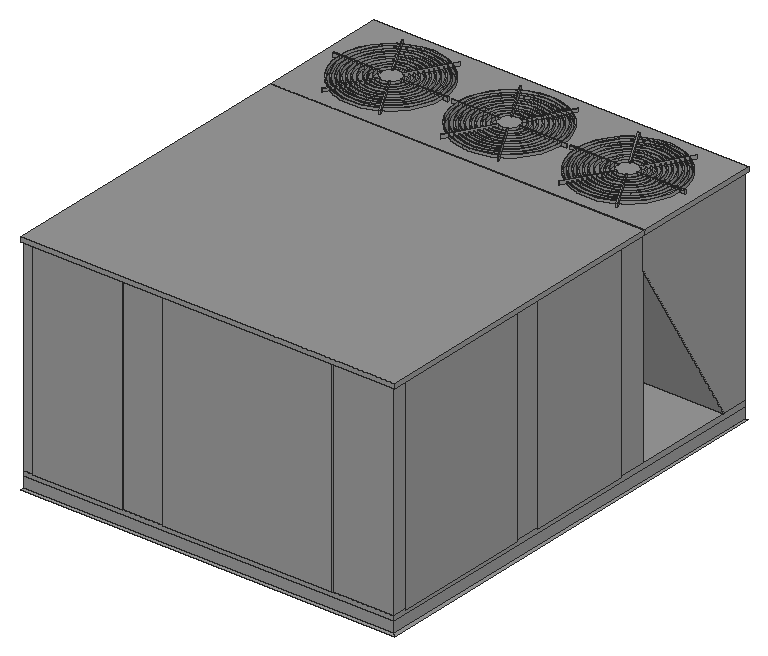
Revit family "RTU-3", category Mechanical Equipment, host Face, Revit 2025
Family settings
  Host = Face
  Round Connector Dimension = Use Diameter
  Classification = None
  Part Type = Normal
  Cut with Voids When Loaded = No
  Maintain Annotation Orientation = Yes
  Shared = No
  Room Calculation Point = No
Parameters (values of type "LCH 156 H4B L 1Y")
  URL = "https://tech.lennoxintl.com/C03e7o14l/VIu12Ch2uV/ehb_lch_cbox_2109.pdf"
  Model = "LCH 156 H4B L 1Y"
  Material = Aluminum 1100-O
  Manufacturer = "LENNOX"
  Grill Material = Steel, Paint Finish, Dark Gray
  Default Elevation = 48"
Reference planes (in)
  plane 1 "Center (Front/Back)": y = 0
  plane 2: z = 0
  plane 3 "Center (Left/Right)": x = 0
  plane 4: z = 53.5625
  plane 5: x = 44.5625
  plane 6: x = -44.5625
  plane 7: y = -52.75
  plane 8: y = 22.0625
  plane 9: z = 45.75
  plane 10: z = 54.625
  plane 11: y = 52.75
  plane 12: y = 46.375
  plane 13: x = -28.53125
  plane 14: y = 37.65625
  plane 15: x = 28.53125
  plane 16: x = 0
  plane 17: x = -12.5
  plane 18: x = 12.5
  plane 19: x = -30.90625
  plane 20: x = -31.90625
  plane 21: x = -32.90625
  plane 22: x = -33.90625
  plane 23: x = -34.90625
  plane 24: x = -35.90625
  plane 25: x = -36.90625
  plane 26: x = -37.90625
  plane 27: x = -38.90625
  plane 28: x = -39.90625
  plane 29: x = -40.90625
  plane 30: x = -42.34375
  plane 31: x = -41.03125
  plane 32: z = 55.25
  plane 33: x = -14.71875
  plane 34: x = -16.03125
  plane 35: through (-28.53125, 37.65625, 55) normal (-0.7071, -0.7071, 0)
  plane 36: through (-28.53125, 37.65625, 55) normal (-0.7071, 0.7071, 0)
  plane 37: through (-28.53125, 37.65625, 55) normal (0.7071, -0.7071, 0)
  plane 38: through (-28.53125, 37.65625, 55) normal (0.7071, 0.7071, 0)
  plane 39: x = -30.90625
  plane 40: x = -31.90625
  plane 41: x = -32.90625
  plane 42: x = -33.90625
  plane 43: x = -34.90625
  plane 44: x = -35.90625
  plane 45: x = -36.90625
  plane 46: x = -37.90625
  plane 47: x = -38.90625
  plane 48: x = -39.90625
  plane 49: x = -40.90625
  plane 50: x = -42.34375
  plane 51: x = -41.03125
  plane 52: x = -14.71875
  plane 53: x = -16.03125
  plane 54: x = -2.375
  plane 55: x = -3.375
  plane 56: x = -4.375
  plane 57: x = -5.375
  plane 58: x = -6.375
  plane 59: x = -7.375
  plane 60: x = -8.375
  plane 61: x = -9.375
  plane 62: x = -10.375
  plane 63: x = -11.375
  plane 64: x = -12.375
  plane 65: x = -13.8125
  plane 66: x = -12.5
  plane 67: x = 13.8125
  plane 68: x = 12.5
  plane 69: x = 26.15625
  plane 70: x = 25.15625
  plane 71: x = 24.15625
  plane 72: x = 23.15625
  plane 73: x = 22.15625
  plane 74: x = 21.15625
  plane 75: x = 20.15625
  plane 76: x = 19.15625
  plane 77: x = 18.15625
  plane 78: x = 17.15625
  plane 79: x = 16.15625
  plane 80: x = 14.71875
  plane 81: x = 16.03125
  plane 82: x = 42.34375
  plane 83: x = 41.03125
  plane 84: through (-34.15405, 50.35923, 110.75) normal (0.5, -0.866, 0)
  plane 85: through (-34.78125, 48.48157, 110.75) normal (-0.5, 0.866, 0)
  plane 86: through (-22.90845, 50.35923, 110.75) normal (0.5, 0.866, 0)
  plane 87: through (-22.28125, 48.48157, 110.75) normal (-0.5, -0.866, 0)
  plane 88: through (-34.15405, 24.95327, 110.75) normal (-0.5, -0.866, 0)
  plane 89: through (-34.78125, 26.83093, 110.75) normal (0.5, 0.866, 0)
  plane 90: through (-22.90845, 24.95327, 110.75) normal (-0.5, 0.866, 0)
  plane 91: through (-22.28125, 26.83093, 110.75) normal (0.5, -0.866, 0)
  plane 92: through (-34.15405, 50.35923, 110.75) normal (0.5, -0.866, 0)
  plane 93: through (-34.78125, 48.48157, 110.75) normal (-0.5, 0.866, 0)
  plane 94: through (-22.90845, 50.35923, 110.75) normal (0.5, 0.866, 0)
  plane 95: through (-22.28125, 48.48157, 110.75) normal (-0.5, -0.866, 0)
  plane 96: through (-34.15405, 24.95327, 110.75) normal (-0.5, -0.866, 0)
  plane 97: through (-34.78125, 26.83093, 110.75) normal (0.5, 0.866, 0)
  plane 98: through (-22.90845, 24.95327, 110.75) normal (-0.5, 0.866, 0)
  plane 99: through (-22.28125, 26.83093, 110.75) normal (0.5, -0.866, 0)
  plane 100: through (-5.6228, 50.35923, 110.75) normal (0.5, -0.866, 0)
  plane 101: through (-6.25, 48.48157, 110.75) normal (-0.5, 0.866, 0)
  plane 102: through (5.6228, 50.35923, 110.75) normal (0.5, 0.866, 0)
  plane 103: through (6.25, 48.48157, 110.75) normal (-0.5, -0.866, 0)
  plane 104: through (-5.6228, 24.95327, 110.75) normal (-0.5, -0.866, 0)
  plane 105: through (-6.25, 26.83093, 110.75) normal (0.5, 0.866, 0)
  plane 106: through (5.6228, 24.95327, 110.75) normal (-0.5, 0.866, 0)
  plane 107: through (6.25, 26.83093, 110.75) normal (0.5, -0.866, 0)
  plane 108: through (22.90845, 50.35923, 110.75) normal (0.5, -0.866, 0)
  plane 109: through (22.28125, 48.48157, 110.75) normal (-0.5, 0.866, 0)
  plane 110: through (34.15405, 50.35923, 110.75) normal (0.5, 0.866, 0)
  plane 111: through (34.78125, 48.48157, 110.75) normal (-0.5, -0.866, 0)
  plane 112: through (22.90845, 24.95327, 110.75) normal (-0.5, -0.866, 0)
  plane 113: through (22.28125, 26.83093, 110.75) normal (0.5, 0.866, 0)
  plane 114: through (34.15405, 24.95327, 110.75) normal (-0.5, 0.866, 0)
  plane 115: through (34.78125, 26.83093, 110.75) normal (0.5, -0.866, 0)
  plane 116: x = 44.5625
  plane 117: x = -8.4375
Forms (in)
  Extrusion 1, solid, material "Aluminum 1100-O" <- "Material"
    sketch origin (0, 0, 0) x (1, 0, 0) y (0, 1, 0)
      loop
        line (-44.5625, 22.0625) -> (-44.5625, -52.75) -> (44.5625, -52.75) -> (44.5625, 22.0625) -> (-44.5625, 22.0625)
    from 4.125 to 53.5625
  Extrusion 2, solid, material "Aluminum 1100-O" <- "Material"
    sketch origin (0, 0, -50.125) x (1, 0, 0) y (0, 1, 0)
      loop
        line (-44.5625, 52.75) -> (-44.5625, -52.75) -> (44.5625, -52.75) -> (44.5625, 52.75) -> (-44.5625, 52.75)
    from 53.0625 to 54.25
  Extrusion 3, solid, material "Aluminum 1100-O" <- "Material"
    sketch origin (0, 0, -51.3125) x (1, 0, 0) y (0, 1, 0)
      loop
        line (-44.5625, 52.75) -> (-44.5625, -52.75) -> (44.5625, -52.75) -> (44.5625, 52.75) -> (-44.5625, 52.75)
    from 51.6875 to 54.25
  Blend 4, solid, material "Aluminum 1100-O" <- "Material"
    base sketch origin (0, 0, 0) x (1, 0, 0) y (0, 1, 0)
      loop
        line (-45.0625, 53.25) -> (-45.0625, -53.25) -> (45.0625, -53.25) -> (45.0625, 53.25) -> (-45.0625, 53.25)
    top sketch origin (0, 0, 0) x (1, 0, 0) y (0, 1, 0)
      loop
        line (-44.5625, 52.75) -> (-44.5625, -52.75) -> (44.5625, -52.75) -> (44.5625, 52.75) -> (-44.5625, 52.75)
    from 0 to 0.375
  Extrusion 5, solid, material "Aluminum 1100-O" <- "Material"
    sketch origin (0, 0, 0) x (0, 1, 0) y (0, 0, 1)
      loop
        line (22.0625, 45.75) -> (46.375, 4.125) -> (52.75, 4.125) -> (52.75, 53.5625) -> (22.0625, 53.5625) -> (22.0625, 45.75)
    from -44.5625 to 44.5625
  Extrusion 6, solid, material "Aluminum 1100-O" <- "Material"
    sketch origin (0, 0, 0) x (1, 0, 0) y (0, 1, 0)
      loop
        line (-45.0625, 22.0625) -> (-45.0625, -53.25) -> (45.0625, -53.25) -> (45.0625, 22.0625) -> (-45.0625, 22.0625)
    from 53.5625 to 54.625
  Extrusion 7, solid, material "Aluminum 1100-O" <- "Material"
    sketch origin (0, 75.3125, 0) x (1, 0, 0) y (0, 1, 0)
      loop
        line (-45.0625, -22.0625) -> (-45.0625, -53.25) -> (45.0625, -53.25) -> (45.0625, -22.0625) -> (-45.0625, -22.0625)
    from 53.5625 to 54.625
  Extrusion 8, void
    sketch origin (-8.58719, -1.71744, 0) x (1, 0, 0) y (0, 1, 0)
      loop
        circle (8.58719, 39.37369) r 12.5
      loop
        circle (-19.94406, 39.37369) r 12.5
      loop
        circle (37.11844, 39.37369) r 12.5
    from 45.45857 to 54.625
  Extrusion 9, solid, material "Steel, Paint Finish, Dark Gray" <- "Grill Material"
    sketch origin (0, 0, 54.625) x (1, 0, 0) y (0, 1, 0)
      loop
        circle (-28.53125, 37.65625) r 2.375
      loop
        circle (-28.53125, 37.65625) r 3.375
      loop
        circle (-28.53125, 37.65625) r 3.5
      loop
        circle (-28.53125, 37.65625) r 4.375
      loop
        circle (-28.53125, 37.65625) r 5.25
      loop
        circle (-28.53125, 37.65625) r 4.5
      loop
        circle (-28.53125, 37.65625) r 5.375
      loop
        circle (-28.53125, 37.65625) r 6.375
      loop
        circle (-28.53125, 37.65625) r 7.375
      loop
        circle (-28.53125, 37.65625) r 9.375
      loop
        circle (-28.53125, 37.65625) r 10.375
      loop
        circle (-28.53125, 37.65625) r 11.375
      loop
        circle (-28.53125, 37.65625) r 12.375
      loop
        circle (-28.53125, 37.65625) r 12.5
      loop
        circle (-28.53125, 37.65625) r 7.5
      loop
        circle (-28.53125, 37.65625) r 9.5
      loop
        circle (-28.53125, 37.65625) r 10.5
      loop
        circle (-28.53125, 37.65625) r 11.5
      loop
        circle (-28.53125, 37.65625) r 8.375
      loop
        circle (-28.53125, 37.65625) r 8.5
      loop
        circle (-28.53125, 37.65625) r 6.5
    from 0 to 0.625
  Extrusion 10, solid, material "Steel, Paint Finish, Dark Gray" <- "Grill Material"
    sketch origin (0, 0, 55.75) x (1, 0, 0) y (0, 1, 0)
      loop
        line (-42.34375, 37.78125) -> (-42.34375, 37.53125) -> (-30.90296, 37.53125)
        arc (-30.90296, 37.53125) -> (-30.90543, 37.59373) -> (-30.90625, 37.65625) r 2.375
        arc (-30.90625, 37.65625) -> (-30.90543, 37.71877) -> (-30.90296, 37.78125) r 2.375
        line (-30.90296, 37.78125) -> (-42.34375, 37.78125)
    from -1.125 to -0.3427
  Extrusion 11, solid, material "Steel, Paint Finish, Dark Gray" <- "Grill Material"
    sketch origin (-57.0625, 0, 55.75) x (-1, 0, 0) y (0, -1, 0)
      loop
        line (-42.34375, -37.78125) -> (-30.90296, -37.78125)
        arc (-30.90296, -37.78125) -> (-30.90543, -37.71877) -> (-30.90625, -37.65625) r 2.375
        arc (-30.90625, -37.65625) -> (-30.90543, -37.59373) -> (-30.90296, -37.53125) r 2.375
        line (-30.90296, -37.53125) -> (-42.34375, -37.53125) -> (-42.34375, -37.78125)
    from -1.125 to -0.3427
  Extrusion 12, solid, material "Steel, Paint Finish, Dark Gray" <- "Grill Material", not visible
    sketch origin (0, 0, 54.625) x (1, 0, 0) y (0, 1, 0)
      loop
        circle (-28.53125, 37.65625) r 2.375
      loop
        circle (-28.53125, 37.65625) r 3.375
      loop
        circle (-28.53125, 37.65625) r 3.5
      loop
        circle (-28.53125, 37.65625) r 4.375
      loop
        circle (-28.53125, 37.65625) r 5.25
      loop
        circle (-28.53125, 37.65625) r 4.5
      loop
        circle (-28.53125, 37.65625) r 5.375
      loop
        circle (-28.53125, 37.65625) r 6.375
      loop
        circle (-28.53125, 37.65625) r 7.375
      loop
        circle (-28.53125, 37.65625) r 9.375
      loop
        circle (-28.53125, 37.65625) r 10.375
      loop
        circle (-28.53125, 37.65625) r 11.375
      loop
        circle (-28.53125, 37.65625) r 12.375
      loop
        circle (-28.53125, 37.65625) r 12.5
      loop
        circle (-28.53125, 37.65625) r 7.5
      loop
        circle (-28.53125, 37.65625) r 9.5
      loop
        circle (-28.53125, 37.65625) r 10.5
      loop
        circle (-28.53125, 37.65625) r 11.5
      loop
        circle (-28.53125, 37.65625) r 8.375
      loop
        circle (-28.53125, 37.65625) r 8.5
      loop
        circle (-28.53125, 37.65625) r 6.5
    from 0 to 0.625
  Extrusion 13, solid, material "Steel, Paint Finish, Dark Gray" <- "Grill Material", not visible
    sketch origin (0, 0, 55.75) x (1, 0, 0) y (0, 1, 0)
      loop
        line (-42.34375, 37.78125) -> (-42.34375, 37.53125) -> (-30.90296, 37.53125)
        arc (-30.90296, 37.53125) -> (-30.90543, 37.59373) -> (-30.90625, 37.65625) r 2.375
        arc (-30.90625, 37.65625) -> (-30.90543, 37.71877) -> (-30.90296, 37.78125) r 2.375
        line (-30.90296, 37.78125) -> (-42.34375, 37.78125)
    from -1.125 to -0.3427
  Extrusion 14, solid, material "Steel, Paint Finish, Dark Gray" <- "Grill Material", not visible
    sketch origin (-57.0625, 0, 55.75) x (-1, 0, 0) y (0, -1, 0)
      loop
        line (-42.34375, -37.78125) -> (-30.90296, -37.78125)
        arc (-30.90296, -37.78125) -> (-30.90543, -37.71877) -> (-30.90625, -37.65625) r 2.375
        arc (-30.90625, -37.65625) -> (-30.90543, -37.59373) -> (-30.90296, -37.53125) r 2.375
        line (-30.90296, -37.53125) -> (-42.34375, -37.53125) -> (-42.34375, -37.78125)
    from -1.125 to -0.3427
  Extrusion 15, solid, material "Steel, Paint Finish, Dark Gray" <- "Grill Material"
    sketch origin (28.53125, 0, 54.625) x (1, 0, 0) y (0, 1, 0)
      loop
        circle (-28.53125, 37.65625) r 2.375
      loop
        circle (-28.53125, 37.65625) r 3.375
      loop
        circle (-28.53125, 37.65625) r 3.5
      loop
        circle (-28.53125, 37.65625) r 4.375
      loop
        circle (-28.53125, 37.65625) r 5.25
      loop
        circle (-28.53125, 37.65625) r 4.5
      loop
        circle (-28.53125, 37.65625) r 5.375
      loop
        circle (-28.53125, 37.65625) r 6.375
      loop
        circle (-28.53125, 37.65625) r 7.375
      loop
        circle (-28.53125, 37.65625) r 9.375
      loop
        circle (-28.53125, 37.65625) r 10.375
      loop
        circle (-28.53125, 37.65625) r 11.375
      loop
        circle (-28.53125, 37.65625) r 12.375
      loop
        circle (-28.53125, 37.65625) r 12.5
      loop
        circle (-28.53125, 37.65625) r 7.5
      loop
        circle (-28.53125, 37.65625) r 9.5
      loop
        circle (-28.53125, 37.65625) r 10.5
      loop
        circle (-28.53125, 37.65625) r 11.5
      loop
        circle (-28.53125, 37.65625) r 8.375
      loop
        circle (-28.53125, 37.65625) r 8.5
      loop
        circle (-28.53125, 37.65625) r 6.5
    from 0 to 0.625
  Extrusion 16, solid, material "Steel, Paint Finish, Dark Gray" <- "Grill Material"
    sketch origin (28.53125, 0, 55.75) x (1, 0, 0) y (0, 1, 0)
      loop
        line (-42.34375, 37.78125) -> (-42.34375, 37.53125) -> (-30.90296, 37.53125)
        arc (-30.90296, 37.53125) -> (-30.90543, 37.59373) -> (-30.90625, 37.65625) r 2.375
        arc (-30.90625, 37.65625) -> (-30.90543, 37.71877) -> (-30.90296, 37.78125) r 2.375
        line (-30.90296, 37.78125) -> (-42.34375, 37.78125)
    from -1.125 to -0.3427
  Extrusion 17, solid, material "Steel, Paint Finish, Dark Gray" <- "Grill Material"
    sketch origin (-28.53125, 0, 55.75) x (-1, 0, 0) y (0, -1, 0)
      loop
        line (-42.34375, -37.78125) -> (-30.90296, -37.78125)
        arc (-30.90296, -37.78125) -> (-30.90543, -37.71877) -> (-30.90625, -37.65625) r 2.375
        arc (-30.90625, -37.65625) -> (-30.90543, -37.59373) -> (-30.90296, -37.53125) r 2.375
        line (-30.90296, -37.53125) -> (-42.34375, -37.53125) -> (-42.34375, -37.78125)
    from -1.125 to -0.3427
  Extrusion 18, solid, material "Steel, Paint Finish, Dark Gray" <- "Grill Material"
    sketch origin (57.0625, 0, 54.625) x (1, 0, 0) y (0, 1, 0)
      loop
        circle (-28.53125, 37.65625) r 2.375
      loop
        circle (-28.53125, 37.65625) r 3.375
      loop
        circle (-28.53125, 37.65625) r 3.5
      loop
        circle (-28.53125, 37.65625) r 4.375
      loop
        circle (-28.53125, 37.65625) r 5.25
      loop
        circle (-28.53125, 37.65625) r 4.5
      loop
        circle (-28.53125, 37.65625) r 5.375
      loop
        circle (-28.53125, 37.65625) r 6.375
      loop
        circle (-28.53125, 37.65625) r 7.375
      loop
        circle (-28.53125, 37.65625) r 9.375
      loop
        circle (-28.53125, 37.65625) r 10.375
      loop
        circle (-28.53125, 37.65625) r 11.375
      loop
        circle (-28.53125, 37.65625) r 12.375
      loop
        circle (-28.53125, 37.65625) r 12.5
      loop
        circle (-28.53125, 37.65625) r 7.5
      loop
        circle (-28.53125, 37.65625) r 9.5
      loop
        circle (-28.53125, 37.65625) r 10.5
      loop
        circle (-28.53125, 37.65625) r 11.5
      loop
        circle (-28.53125, 37.65625) r 8.375
      loop
        circle (-28.53125, 37.65625) r 8.5
      loop
        circle (-28.53125, 37.65625) r 6.5
    from 0 to 0.625
  Extrusion 19, solid, material "Steel, Paint Finish, Dark Gray" <- "Grill Material"
    sketch origin (57.0625, 0, 55.75) x (1, 0, 0) y (0, 1, 0)
      loop
        line (-42.34375, 37.78125) -> (-42.34375, 37.53125) -> (-30.90296, 37.53125)
        arc (-30.90296, 37.53125) -> (-30.90543, 37.59373) -> (-30.90625, 37.65625) r 2.375
        arc (-30.90625, 37.65625) -> (-30.90543, 37.71877) -> (-30.90296, 37.78125) r 2.375
        line (-30.90296, 37.78125) -> (-42.34375, 37.78125)
    from -1.125 to -0.3427
  Extrusion 20, solid, material "Steel, Paint Finish, Dark Gray" <- "Grill Material"
    sketch origin (0, 0, 55.75) x (-1, 0, 0) y (0, -1, 0)
      loop
        line (-42.34375, -37.78125) -> (-30.90296, -37.78125)
        arc (-30.90296, -37.78125) -> (-30.90543, -37.71877) -> (-30.90625, -37.65625) r 2.375
        arc (-30.90625, -37.65625) -> (-30.90543, -37.59373) -> (-30.90296, -37.53125) r 2.375
        line (-30.90296, -37.53125) -> (-42.34375, -37.53125) -> (-42.34375, -37.78125)
    from -1.125 to -0.3427
  Extrusion 21, void
    sketch origin (0, 0, 0) x (1, 0, 0) y (0, 1, 0)
      loop
        line (-41.4375, 20.5) -> (-41.4375, -39.5) -> (-26.4375, -39.5) -> (-26.4375, 20.5) -> (-41.4375, 20.5)
      loop
        line (-8.4375, 20.5) -> (-8.4375, -39.5) -> (11.5625, -39.5) -> (11.5625, 20.5) -> (-8.4375, 20.5)
      loop
        line (33.0625, -44.25) -> (33.0625, -49.25) -> (41.0625, -49.25) -> (41.0625, -44.25) -> (33.0625, -44.25)
    from 0 to 12
  Extrusion 22, solid, material "Steel, Paint Finish, Dark Gray" <- "Grill Material"
    sketch origin (-46.87689, -5.88066, 55.75) x (0.5, -0.866025, 0) y (0.866025, 0.5, 0)
      loop
        line (-42.34375, 37.78125) -> (-42.34375, 37.53125) -> (-30.90296, 37.53125)
        arc (-30.90296, 37.53125) -> (-30.90543, 37.59373) -> (-30.90625, 37.65625) r 2.375
        arc (-30.90625, 37.65625) -> (-30.90543, 37.71877) -> (-30.90296, 37.78125) r 2.375
        line (-30.90296, 37.78125) -> (-42.34375, 37.78125)
    from -1.125 to -0.3427
  Extrusion 23, solid, material "Steel, Paint Finish, Dark Gray" <- "Grill Material"
    sketch origin (-10.18561, -5.88066, 55.75) x (-0.5, -0.866025, 0) y (0.866025, -0.5, 0)
      loop
        line (-42.34375, -37.78125) -> (-30.90296, -37.78125)
        arc (-30.90296, -37.78125) -> (-30.90543, -37.71877) -> (-30.90625, -37.65625) r 2.375
        arc (-30.90625, -37.65625) -> (-30.90543, -37.59373) -> (-30.90296, -37.53125) r 2.375
        line (-30.90296, -37.53125) -> (-42.34375, -37.53125) -> (-42.34375, -37.78125)
    from -1.125 to -0.3427
  Extrusion 24, solid, material "Steel, Paint Finish, Dark Gray" <- "Grill Material"
    sketch origin (-46.87689, 81.19316, 55.75) x (0.5, 0.866025, 0) y (-0.866025, 0.5, 0)
      loop
        line (-42.34375, -37.78125) -> (-30.90296, -37.78125)
        arc (-30.90296, -37.78125) -> (-30.90543, -37.71877) -> (-30.90625, -37.65625) r 2.375
        arc (-30.90625, -37.65625) -> (-30.90543, -37.59373) -> (-30.90296, -37.53125) r 2.375
        line (-30.90296, -37.53125) -> (-42.34375, -37.53125) -> (-42.34375, -37.78125)
    from -1.125 to -0.3427
  Extrusion 25, solid, material "Steel, Paint Finish, Dark Gray" <- "Grill Material"
    sketch origin (-10.18561, 81.19316, 55.75) x (-0.5, 0.866025, 0) y (-0.866025, -0.5, 0)
      loop
        line (-42.34375, 37.78125) -> (-42.34375, 37.53125) -> (-30.90296, 37.53125)
        arc (-30.90296, 37.53125) -> (-30.90543, 37.59373) -> (-30.90625, 37.65625) r 2.375
        arc (-30.90625, 37.65625) -> (-30.90543, 37.71877) -> (-30.90296, 37.78125) r 2.375
        line (-30.90296, 37.78125) -> (-42.34375, 37.78125)
    from -1.125 to -0.3427
  Extrusion 26, solid, material "Steel, Paint Finish, Dark Gray" <- "Grill Material", not visible
    sketch origin (-46.87689, -5.88066, 55.75) x (0.5, -0.866025, 0) y (0.866025, 0.5, 0)
      loop
        line (-42.34375, 37.78125) -> (-42.34375, 37.53125) -> (-30.90296, 37.53125)
        arc (-30.90296, 37.53125) -> (-30.90543, 37.59373) -> (-30.90625, 37.65625) r 2.375
        arc (-30.90625, 37.65625) -> (-30.90543, 37.71877) -> (-30.90296, 37.78125) r 2.375
        line (-30.90296, 37.78125) -> (-42.34375, 37.78125)
    from -1.125 to -0.3427
  Extrusion 27, solid, material "Steel, Paint Finish, Dark Gray" <- "Grill Material", not visible
    sketch origin (-10.18561, -5.88066, 55.75) x (-0.5, -0.866025, 0) y (0.866025, -0.5, 0)
      loop
        line (-42.34375, -37.78125) -> (-30.90296, -37.78125)
        arc (-30.90296, -37.78125) -> (-30.90543, -37.71877) -> (-30.90625, -37.65625) r 2.375
        arc (-30.90625, -37.65625) -> (-30.90543, -37.59373) -> (-30.90296, -37.53125) r 2.375
        line (-30.90296, -37.53125) -> (-42.34375, -37.53125) -> (-42.34375, -37.78125)
    from -1.125 to -0.3427
  Extrusion 28, solid, material "Steel, Paint Finish, Dark Gray" <- "Grill Material", not visible
    sketch origin (-46.87689, 81.19316, 55.75) x (0.5, 0.866025, 0) y (-0.866025, 0.5, 0)
      loop
        line (-42.34375, -37.78125) -> (-30.90296, -37.78125)
        arc (-30.90296, -37.78125) -> (-30.90543, -37.71877) -> (-30.90625, -37.65625) r 2.375
        arc (-30.90625, -37.65625) -> (-30.90543, -37.59373) -> (-30.90296, -37.53125) r 2.375
        line (-30.90296, -37.53125) -> (-42.34375, -37.53125) -> (-42.34375, -37.78125)
    from -1.125 to -0.3427
  Extrusion 29, solid, material "Steel, Paint Finish, Dark Gray" <- "Grill Material", not visible
    sketch origin (-10.18561, 81.19316, 55.75) x (-0.5, 0.866025, 0) y (-0.866025, -0.5, 0)
      loop
        line (-42.34375, 37.78125) -> (-42.34375, 37.53125) -> (-30.90296, 37.53125)
        arc (-30.90296, 37.53125) -> (-30.90543, 37.59373) -> (-30.90625, 37.65625) r 2.375
        arc (-30.90625, 37.65625) -> (-30.90543, 37.71877) -> (-30.90296, 37.78125) r 2.375
        line (-30.90296, 37.78125) -> (-42.34375, 37.78125)
    from -1.125 to -0.3427
  Extrusion 30, solid, material "Steel, Paint Finish, Dark Gray" <- "Grill Material"
    sketch origin (-18.34564, -5.88066, 55.75) x (0.5, -0.866025, 0) y (0.866025, 0.5, 0)
      loop
        line (-42.34375, 37.78125) -> (-42.34375, 37.53125) -> (-30.90296, 37.53125)
        arc (-30.90296, 37.53125) -> (-30.90543, 37.59373) -> (-30.90625, 37.65625) r 2.375
        arc (-30.90625, 37.65625) -> (-30.90543, 37.71877) -> (-30.90296, 37.78125) r 2.375
        line (-30.90296, 37.78125) -> (-42.34375, 37.78125)
    from -1.125 to -0.3427
  Extrusion 31, solid, material "Steel, Paint Finish, Dark Gray" <- "Grill Material"
    sketch origin (18.34564, -5.88066, 55.75) x (-0.5, -0.866025, 0) y (0.866025, -0.5, 0)
      loop
        line (-42.34375, -37.78125) -> (-30.90296, -37.78125)
        arc (-30.90296, -37.78125) -> (-30.90543, -37.71877) -> (-30.90625, -37.65625) r 2.375
        arc (-30.90625, -37.65625) -> (-30.90543, -37.59373) -> (-30.90296, -37.53125) r 2.375
        line (-30.90296, -37.53125) -> (-42.34375, -37.53125) -> (-42.34375, -37.78125)
    from -1.125 to -0.3427
  Extrusion 32, solid, material "Steel, Paint Finish, Dark Gray" <- "Grill Material"
    sketch origin (-18.34564, 81.19316, 55.75) x (0.5, 0.866025, 0) y (-0.866025, 0.5, 0)
      loop
        line (-42.34375, -37.78125) -> (-30.90296, -37.78125)
        arc (-30.90296, -37.78125) -> (-30.90543, -37.71877) -> (-30.90625, -37.65625) r 2.375
        arc (-30.90625, -37.65625) -> (-30.90543, -37.59373) -> (-30.90296, -37.53125) r 2.375
        line (-30.90296, -37.53125) -> (-42.34375, -37.53125) -> (-42.34375, -37.78125)
    from -1.125 to -0.3427
  Extrusion 33, solid, material "Steel, Paint Finish, Dark Gray" <- "Grill Material"
    sketch origin (18.34564, 81.19316, 55.75) x (-0.5, 0.866025, 0) y (-0.866025, -0.5, 0)
      loop
        line (-42.34375, 37.78125) -> (-42.34375, 37.53125) -> (-30.90296, 37.53125)
        arc (-30.90296, 37.53125) -> (-30.90543, 37.59373) -> (-30.90625, 37.65625) r 2.375
        arc (-30.90625, 37.65625) -> (-30.90543, 37.71877) -> (-30.90296, 37.78125) r 2.375
        line (-30.90296, 37.78125) -> (-42.34375, 37.78125)
    from -1.125 to -0.3427
  Extrusion 34, solid, material "Steel, Paint Finish, Dark Gray" <- "Grill Material"
    sketch origin (10.18561, -5.88066, 55.75) x (0.5, -0.866025, 0) y (0.866025, 0.5, 0)
      loop
        line (-42.34375, 37.78125) -> (-42.34375, 37.53125) -> (-30.90296, 37.53125)
        arc (-30.90296, 37.53125) -> (-30.90543, 37.59373) -> (-30.90625, 37.65625) r 2.375
        arc (-30.90625, 37.65625) -> (-30.90543, 37.71877) -> (-30.90296, 37.78125) r 2.375
        line (-30.90296, 37.78125) -> (-42.34375, 37.78125)
    from -1.125 to -0.3427
  Extrusion 35, solid, material "Steel, Paint Finish, Dark Gray" <- "Grill Material"
    sketch origin (46.87689, -5.88066, 55.75) x (-0.5, -0.866025, 0) y (0.866025, -0.5, 0)
      loop
        line (-42.34375, -37.78125) -> (-30.90296, -37.78125)
        arc (-30.90296, -37.78125) -> (-30.90543, -37.71877) -> (-30.90625, -37.65625) r 2.375
        arc (-30.90625, -37.65625) -> (-30.90543, -37.59373) -> (-30.90296, -37.53125) r 2.375
        line (-30.90296, -37.53125) -> (-42.34375, -37.53125) -> (-42.34375, -37.78125)
    from -1.125 to -0.3427
  Extrusion 36, solid, material "Steel, Paint Finish, Dark Gray" <- "Grill Material"
    sketch origin (10.18561, 81.19316, 55.75) x (0.5, 0.866025, 0) y (-0.866025, 0.5, 0)
      loop
        line (-42.34375, -37.78125) -> (-30.90296, -37.78125)
        arc (-30.90296, -37.78125) -> (-30.90543, -37.71877) -> (-30.90625, -37.65625) r 2.375
        arc (-30.90625, -37.65625) -> (-30.90543, -37.59373) -> (-30.90296, -37.53125) r 2.375
        line (-30.90296, -37.53125) -> (-42.34375, -37.53125) -> (-42.34375, -37.78125)
    from -1.125 to -0.3427
  Extrusion 37, solid, material "Steel, Paint Finish, Dark Gray" <- "Grill Material"
    sketch origin (46.87689, 81.19316, 55.75) x (-0.5, 0.866025, 0) y (-0.866025, -0.5, 0)
      loop
        line (-42.34375, 37.78125) -> (-42.34375, 37.53125) -> (-30.90296, 37.53125)
        arc (-30.90296, 37.53125) -> (-30.90543, 37.59373) -> (-30.90625, 37.65625) r 2.375
        arc (-30.90625, 37.65625) -> (-30.90543, 37.71877) -> (-30.90296, 37.78125) r 2.375
        line (-30.90296, 37.78125) -> (-42.34375, 37.78125)
    from -1.125 to -0.3427
Cuts and joins
  Extrusion 8, Extrusion 21 cuts Extrusion 2
  Extrusion 8, Extrusion 21 cuts Extrusion 3
  Extrusion 8, Extrusion 21 cuts Blend 4
  Extrusion 8 cuts Extrusion 5
  Extrusion 8 cuts Extrusion 7
  Extrusion 21 cuts Extrusion 1
Dimensions and locks (in)
  equal spacing: Extrusion 1 sketch curve, plane 3 "Center (Left/Right)", Extrusion 1 sketch curve
  plane 3 "Center (Left/Right)" to Extrusion 1 sketch curve = 44 9/16"
  Extrusion 1 sketch curve to Extrusion 1 sketch curve = 89 1/8"
  plane 1 "Center (Front/Back)" to Extrusion 1 sketch curve = 52 3/4"
  Extrusion 1 sketch curve to Extrusion 1 sketch curve = 74 13/16"
  plane 4 to plane 2 = 53 9/16"  (x2)
  Extrusion 1 to nested 1 = 3 1/8"  (x2)
  plane 4 to nested 1 = 0"
  nested 1 to nested 2 = 6 3/8"
  plane 2 to plane 4 = 53 9/16"
  Extrusion 2 sketch curve to Extrusion 2 sketch curve = 89 1/8"  (x2)
  Extrusion 2 sketch curve to Extrusion 2 sketch curve = 105 1/2"  (x2)
  Extrusion 3 sketch curve to Extrusion 3 sketch curve = 89 1/8"  (x2)
  Extrusion 3 sketch curve to Extrusion 3 sketch curve = 105 1/2"  (x2)
  plane 6 to Extrusion 1 = 0"
  nested 1 to nested 1 = 33 1/2"
  equal spacing: cut or joined group of Extrusion 7, Extrusion 8, plane 14, cut or joined group of Extrusion 7, Extrusion 8
  equal spacing: plane 6, plane 13, plane 17
  equal spacing: plane 18, plane 15, plane 5
  Extrusion 6 to Extrusion 21 sketch curve = 3 5/8"
  Extrusion 21 sketch curve to Extrusion 6 = 13 3/4"
  Extrusion 21 sketch curve to Extrusion 21 sketch curve = 60"
  cut or joined group of Extrusion 1, Extrusion 21 to Extrusion 6 = 1/2"
  Extrusion 21 sketch curve to plane 116 = 33"
  plane 7 to Extrusion 21 sketch curve = 73 1/4"
  Extrusion 21 sketch curve to plane 117 = 18"
  aligned and locked: host face to plane 2
  aligned and locked: host face to level
  aligned and locked: plane 4 to Extrusion 1
  aligned and locked: plane 4 to Extrusion 5
  aligned and locked: Extrusion 6 to plane 4
  aligned and locked: plane 10 to Extrusion 6
Automatic sketch dimensions
  Extrusion 9 sketch curve to Extrusion 9 sketch curve = 0"  (x460)
  Extrusion 10 sketch curve to Extrusion 10 sketch curve = 0"  (x4)
  Extrusion 10 sketch curve to plane 30 = 0"
  Extrusion 11 sketch curve to Extrusion 11 sketch curve = 0"  (x4)
  Extrusion 11 sketch curve to plane 33 = 0"
  Extrusion 9 sketch curve to plane 19 = 2 3/8"
  Extrusion 10 sketch curve to plane 31 = 10.12829"
  Extrusion 10 sketch curve to Extrusion 10 sketch curve = 2.37171"
  Extrusion 10 sketch curve to Extrusion 10 sketch curve = 1/8"
  Extrusion 11 sketch curve to plane 34 = 10.12829"
  Extrusion 11 sketch curve to Extrusion 11 sketch curve = 2.37171"
  Extrusion 11 sketch curve to Extrusion 11 sketch curve = 1/8"
  Extrusion 12 sketch curve to Extrusion 12 sketch curve = 0"  (x460)
  Extrusion 13 sketch curve to Extrusion 13 sketch curve = 0"  (x4)
  Extrusion 13 sketch curve to plane 50 = 0"
  Extrusion 14 sketch curve to Extrusion 14 sketch curve = 0"  (x4)
  Extrusion 14 sketch curve to plane 52 = 0"
  Extrusion 12 sketch curve to plane 39 = 2 3/8"
  Extrusion 13 sketch curve to plane 51 = 10.12829"
  Extrusion 13 sketch curve to Extrusion 13 sketch curve = 2.37171"
  Extrusion 13 sketch curve to Extrusion 13 sketch curve = 1/8"
  Extrusion 14 sketch curve to plane 53 = 10.12829"
  Extrusion 14 sketch curve to Extrusion 14 sketch curve = 2.37171"
  Extrusion 14 sketch curve to Extrusion 14 sketch curve = 1/8"
  Extrusion 15 sketch curve to Extrusion 15 sketch curve = 0"  (x460)
  Extrusion 16 sketch curve to Extrusion 16 sketch curve = 0"  (x4)
  Extrusion 16 sketch curve to plane 65 = 0"
  Extrusion 17 sketch curve to Extrusion 17 sketch curve = 0"  (x4)
  Extrusion 17 sketch curve to plane 67 = 0"
  Extrusion 15 sketch curve to plane 54 = 2 3/8"
  Extrusion 16 sketch curve to plane 66 = 10.12829"
  Extrusion 16 sketch curve to Extrusion 16 sketch curve = 2.37171"
  Extrusion 16 sketch curve to Extrusion 16 sketch curve = 1/8"
  Extrusion 17 sketch curve to plane 68 = 10.12829"
  Extrusion 17 sketch curve to Extrusion 17 sketch curve = 2.37171"
  Extrusion 17 sketch curve to Extrusion 17 sketch curve = 1/8"
  host sketch curve to host sketch curve = 306.31449"
  host sketch curve to host sketch curve = 326.2252"
  Extrusion 2 sketch curve to plane 6 = 0"
  plane 7 to Extrusion 2 sketch curve = 0"
  Extrusion 3 sketch curve to plane 6 = 0"
  plane 7 to Extrusion 3 sketch curve = 0"
  Extrusion 18 sketch curve to Extrusion 18 sketch curve = 0"  (x460)
  Extrusion 19 sketch curve to Extrusion 19 sketch curve = 0"  (x4)
  Extrusion 19 sketch curve to plane 80 = 0"
  Extrusion 20 sketch curve to Extrusion 20 sketch curve = 0"  (x4)
  Extrusion 20 sketch curve to plane 82 = 0"
  Extrusion 18 sketch curve to plane 69 = 2 3/8"
  Extrusion 19 sketch curve to plane 81 = 10.12829"
  Extrusion 19 sketch curve to Extrusion 19 sketch curve = 2.37171"
  Extrusion 19 sketch curve to Extrusion 19 sketch curve = 1/8"
  Extrusion 20 sketch curve to plane 83 = 10.12829"
  Extrusion 20 sketch curve to Extrusion 20 sketch curve = 2.37171"
  Extrusion 20 sketch curve to Extrusion 20 sketch curve = 1/8"
  Extrusion 22 sketch curve to Extrusion 22 sketch curve = 0"  (x6)
  plane 84 to Extrusion 22 sketch curve = 0"  (x2)
  Extrusion 22 sketch curve to plane 85 = 10.12829"  (x2)
  Extrusion 22 sketch curve to Extrusion 22 sketch curve = 2.37171"  (x2)
  Extrusion 22 sketch curve to Extrusion 22 sketch curve = 1/8"  (x2)
  Extrusion 23 sketch curve to Extrusion 23 sketch curve = 0"  (x6)
  plane 86 to Extrusion 23 sketch curve = 0"  (x2)
  Extrusion 23 sketch curve to plane 87 = 10.12829"  (x2)
  Extrusion 23 sketch curve to Extrusion 23 sketch curve = 2.37171"  (x2)
  Extrusion 23 sketch curve to Extrusion 23 sketch curve = 1/8"  (x2)
  Blend 4 sketch curve to plane 6 = 1/2"
  plane 5 to Blend 4 sketch curve = 1/2"
  plane 7 to Blend 4 sketch curve = 1/2"
  plane 11 to Blend 4 sketch curve = 1/2"
  Blend 4 sketch curve to plane 6 = 0"
  Blend 4 sketch curve to plane 5 = 0"
  plane 7 to Blend 4 sketch curve = 0"
  Blend 4 sketch curve to plane 11 = 0"
  Extrusion 5 sketch curve to plane 8 = 0"
  Extrusion 5 sketch curve to plane 12 = 0"
  Extrusion 5 sketch curve to plane 4 = 0"
  Extrusion 5 sketch curve to plane 11 = 0"
  Extrusion 5 sketch curve to plane 9 = 0"
  level to Extrusion 5 sketch curve = 4 1/8"
  Extrusion 6 sketch curve to plane 8 = 0"
  Extrusion 6 sketch curve to plane 6 = 1/2"
  plane 5 to Extrusion 6 sketch curve = 1/2"
  plane 7 to Extrusion 6 sketch curve = 1/2"
  Extrusion 7 sketch curve to plane 8 = 0"
  Extrusion 7 sketch curve to plane 6 = 1/2"
  plane 5 to Extrusion 7 sketch curve = 1/2"
  plane 11 to Extrusion 7 sketch curve = 1/2"
  Extrusion 8 sketch curve to plane 13 = 0"
  Extrusion 8 sketch curve to plane 3 "Center (Left/Right)" = 0"
  plane 14 to Extrusion 8 sketch curve = 0"
  Extrusion 8 sketch curve to plane 15 = 0"
  Extrusion 8 sketch curve to plane 14 = 0"  (x2)
  Extrusion 24 sketch curve to Extrusion 24 sketch curve = 0"  (x6)
  Extrusion 24 sketch curve to plane 88 = 0"  (x2)
  Extrusion 24 sketch curve to plane 89 = 10.12829"  (x2)
  Extrusion 24 sketch curve to Extrusion 24 sketch curve = 2.37171"  (x2)
  Extrusion 24 sketch curve to Extrusion 24 sketch curve = 1/8"  (x2)
  Extrusion 25 sketch curve to Extrusion 25 sketch curve = 0"  (x6)
  Extrusion 25 sketch curve to plane 90 = 0"  (x2)
  Extrusion 25 sketch curve to plane 91 = 10.12829"  (x2)
  Extrusion 25 sketch curve to Extrusion 25 sketch curve = 2.37171"  (x2)
  Extrusion 25 sketch curve to Extrusion 25 sketch curve = 1/8"  (x2)
  plane 100 to Extrusion 30 sketch curve = 0"  (x2)
  Extrusion 30 sketch curve to plane 101 = 10.12829"  (x2)
  plane 102 to Extrusion 31 sketch curve = 0"  (x2)
  Extrusion 31 sketch curve to plane 103 = 10.12829"  (x2)
  Extrusion 32 sketch curve to plane 104 = 0"  (x2)
  Extrusion 32 sketch curve to plane 105 = 10.12829"  (x2)
  Extrusion 33 sketch curve to plane 106 = 0"  (x2)
  Extrusion 33 sketch curve to plane 107 = 10.12829"  (x2)
  Extrusion 34 sketch curve to Extrusion 34 sketch curve = 0"  (x3)
  plane 108 to Extrusion 34 sketch curve = 0"
  Extrusion 34 sketch curve to plane 109 = 10.12829"
  Extrusion 34 sketch curve to Extrusion 34 sketch curve = 2.37171"
  Extrusion 34 sketch curve to Extrusion 34 sketch curve = 1/8"
  Extrusion 35 sketch curve to Extrusion 35 sketch curve = 0"  (x3)
  plane 110 to Extrusion 35 sketch curve = 0"
  Extrusion 35 sketch curve to plane 111 = 10.12829"
  Extrusion 35 sketch curve to Extrusion 35 sketch curve = 2.37171"
  Extrusion 35 sketch curve to Extrusion 35 sketch curve = 1/8"
  Extrusion 36 sketch curve to Extrusion 36 sketch curve = 0"  (x3)
  Extrusion 36 sketch curve to plane 112 = 0"
  Extrusion 36 sketch curve to plane 113 = 10.12829"
  Extrusion 36 sketch curve to Extrusion 36 sketch curve = 2.37171"
  Extrusion 36 sketch curve to Extrusion 36 sketch curve = 1/8"
  Extrusion 37 sketch curve to Extrusion 37 sketch curve = 0"  (x3)
  Extrusion 37 sketch curve to plane 114 = 0"
  Extrusion 37 sketch curve to plane 115 = 10.12829"
  Extrusion 37 sketch curve to Extrusion 37 sketch curve = 2.37171"
  Extrusion 37 sketch curve to Extrusion 37 sketch curve = 1/8"
  Extrusion 26 sketch curve to Extrusion 26 sketch curve = 0"  (x3)
  plane 92 to Extrusion 26 sketch curve = 0"
  Extrusion 26 sketch curve to plane 93 = 10.12829"
  Extrusion 26 sketch curve to Extrusion 26 sketch curve = 2.37171"
  Extrusion 26 sketch curve to Extrusion 26 sketch curve = 1/8"
  Extrusion 27 sketch curve to Extrusion 27 sketch curve = 0"  (x3)
  plane 94 to Extrusion 27 sketch curve = 0"
  Extrusion 27 sketch curve to plane 95 = 10.12829"
  Extrusion 27 sketch curve to Extrusion 27 sketch curve = 2.37171"
  Extrusion 27 sketch curve to Extrusion 27 sketch curve = 1/8"
  Extrusion 28 sketch curve to Extrusion 28 sketch curve = 0"  (x3)
  Extrusion 28 sketch curve to plane 96 = 0"
  Extrusion 28 sketch curve to plane 97 = 10.12829"
  Extrusion 28 sketch curve to Extrusion 28 sketch curve = 2.37171"
  Extrusion 28 sketch curve to Extrusion 28 sketch curve = 1/8"
  Extrusion 29 sketch curve to Extrusion 29 sketch curve = 0"  (x3)
  Extrusion 29 sketch curve to plane 98 = 0"
  Extrusion 29 sketch curve to plane 99 = 10.12829"
  Extrusion 29 sketch curve to Extrusion 29 sketch curve = 2.37171"
  Extrusion 29 sketch curve to Extrusion 29 sketch curve = 1/8"
  Extrusion 30 sketch curve to Extrusion 30 sketch curve = 0"  (x3)
  Extrusion 30 sketch curve to Extrusion 30 sketch curve = 2.37171"
  Extrusion 30 sketch curve to Extrusion 30 sketch curve = 1/8"
  Extrusion 31 sketch curve to Extrusion 31 sketch curve = 0"  (x3)
  Extrusion 31 sketch curve to Extrusion 31 sketch curve = 2.37171"
  Extrusion 31 sketch curve to Extrusion 31 sketch curve = 1/8"
  Extrusion 32 sketch curve to Extrusion 32 sketch curve = 0"  (x3)
  Extrusion 32 sketch curve to Extrusion 32 sketch curve = 2.37171"
  Extrusion 32 sketch curve to Extrusion 32 sketch curve = 1/8"
  Extrusion 33 sketch curve to Extrusion 33 sketch curve = 0"  (x3)
  Extrusion 33 sketch curve to Extrusion 33 sketch curve = 2.37171"
  Extrusion 33 sketch curve to Extrusion 33 sketch curve = 1/8"
  Extrusion 21 sketch curve to plane 117 = 0"
  plane 15 to Extrusion 21 sketch curve = 4 17/32"
  Extrusion 21 sketch curve to plane 5 = 3 1/2"
  Extrusion 21 sketch curve to plane 7 = 8 1/2"
  Extrusion 21 sketch curve to plane 7 = 3 1/2"
  Extrusion 21 sketch curve to plane 7 = 13 1/4"
  radius of Extrusion 9 sketch curve = 2 3/8"
  radius of Extrusion 9 sketch curve = 3 3/8"
  radius of Extrusion 9 sketch curve = 3 1/2"
  radius of Extrusion 9 sketch curve = 4 3/8"
  radius of Extrusion 9 sketch curve = 5 1/4"
  radius of Extrusion 9 sketch curve = 4 1/2"
  radius of Extrusion 9 sketch curve = 5 3/8"
  radius of Extrusion 9 sketch curve = 6 3/8"
  radius of Extrusion 9 sketch curve = 7 3/8"
  radius of Extrusion 9 sketch curve = 9 3/8"
  radius of Extrusion 9 sketch curve = 10 3/8"
  radius of Extrusion 9 sketch curve = 11 3/8"
  radius of Extrusion 9 sketch curve = 12 3/8"
  radius of Extrusion 9 sketch curve = 12 1/2"
  radius of Extrusion 9 sketch curve = 7 1/2"
  radius of Extrusion 9 sketch curve = 9 1/2"
  radius of Extrusion 9 sketch curve = 10 1/2"
  radius of Extrusion 9 sketch curve = 11 1/2"
  radius of Extrusion 9 sketch curve = 8 3/8"
  radius of Extrusion 9 sketch curve = 8 1/2"
  radius of Extrusion 9 sketch curve = 6 1/2"
  radius of Extrusion 12 sketch curve = 2 3/8"
  radius of Extrusion 12 sketch curve = 3 3/8"
  radius of Extrusion 12 sketch curve = 3 1/2"
  radius of Extrusion 12 sketch curve = 4 3/8"
  radius of Extrusion 12 sketch curve = 5 1/4"
  radius of Extrusion 12 sketch curve = 4 1/2"
  radius of Extrusion 12 sketch curve = 5 3/8"
  radius of Extrusion 12 sketch curve = 6 3/8"
  radius of Extrusion 12 sketch curve = 7 3/8"
  radius of Extrusion 12 sketch curve = 9 3/8"
  radius of Extrusion 12 sketch curve = 10 3/8"
  radius of Extrusion 12 sketch curve = 11 3/8"
  radius of Extrusion 12 sketch curve = 12 3/8"
  radius of Extrusion 12 sketch curve = 12 1/2"
  radius of Extrusion 12 sketch curve = 7 1/2"
  radius of Extrusion 12 sketch curve = 9 1/2"
  radius of Extrusion 12 sketch curve = 10 1/2"
  radius of Extrusion 12 sketch curve = 11 1/2"
  radius of Extrusion 12 sketch curve = 8 3/8"
  radius of Extrusion 12 sketch curve = 8 1/2"
  radius of Extrusion 12 sketch curve = 6 1/2"
  radius of Extrusion 15 sketch curve = 2 3/8"
  radius of Extrusion 15 sketch curve = 3 3/8"
  radius of Extrusion 15 sketch curve = 3 1/2"
  radius of Extrusion 15 sketch curve = 4 3/8"
  radius of Extrusion 15 sketch curve = 5 1/4"
  radius of Extrusion 15 sketch curve = 4 1/2"
  radius of Extrusion 15 sketch curve = 5 3/8"
  radius of Extrusion 15 sketch curve = 6 3/8"
  radius of Extrusion 15 sketch curve = 7 3/8"
  radius of Extrusion 15 sketch curve = 9 3/8"
  radius of Extrusion 15 sketch curve = 10 3/8"
  radius of Extrusion 15 sketch curve = 11 3/8"
  radius of Extrusion 15 sketch curve = 12 3/8"
  radius of Extrusion 15 sketch curve = 12 1/2"
  radius of Extrusion 15 sketch curve = 7 1/2"
  radius of Extrusion 15 sketch curve = 9 1/2"
  radius of Extrusion 15 sketch curve = 10 1/2"
  radius of Extrusion 15 sketch curve = 11 1/2"
  radius of Extrusion 15 sketch curve = 8 3/8"
  radius of Extrusion 15 sketch curve = 8 1/2"
  radius of Extrusion 15 sketch curve = 6 1/2"
  radius of Extrusion 18 sketch curve = 2 3/8"
  radius of Extrusion 18 sketch curve = 3 3/8"
  radius of Extrusion 18 sketch curve = 3 1/2"
  radius of Extrusion 18 sketch curve = 4 3/8"
  radius of Extrusion 18 sketch curve = 5 1/4"
  radius of Extrusion 18 sketch curve = 4 1/2"
  radius of Extrusion 18 sketch curve = 5 3/8"
  radius of Extrusion 18 sketch curve = 6 3/8"
  radius of Extrusion 18 sketch curve = 7 3/8"
  radius of Extrusion 18 sketch curve = 9 3/8"
  radius of Extrusion 18 sketch curve = 10 3/8"
  radius of Extrusion 18 sketch curve = 11 3/8"
  radius of Extrusion 18 sketch curve = 12 3/8"
  radius of Extrusion 18 sketch curve = 12 1/2"
  radius of Extrusion 18 sketch curve = 7 1/2"
  radius of Extrusion 18 sketch curve = 9 1/2"
  radius of Extrusion 18 sketch curve = 10 1/2"
  radius of Extrusion 18 sketch curve = 11 1/2"
  radius of Extrusion 18 sketch curve = 8 3/8"
  radius of Extrusion 18 sketch curve = 8 1/2"
  radius of Extrusion 18 sketch curve = 6 1/2"
  radius of Extrusion 8 sketch curve = 12 1/2"  (x3)
Nested families (in)
  nested 1: "Panel" at (44.5625, -32.875, 28.84375) x (0, 1, 0) z (1, 0, 0), type "Panel"
    with Width 33 1/2", Length 49 7/16"
  nested 2: "Panel" at (44.5625, 2.6875, 28.84375) x (0, 1, 0) z (1, 0, 0), type "Panel"
    with Width 24 7/8", Length 49 7/16"
  nested 3: "Panel" at (-44.5625, -32.875, 28.84375) x (0, 1, 0) z (-1, 0, 0), type "Panel"
    with Width 33 1/2", Length 49 7/16"
  nested 4: "Panel" at (-44.5625, 2.6875, 28.84375) x (0, 1, 0) z (-1, 0, 0), type "Panel"
    with Width 24 7/8", Length 49 7/16"
  nested 5: "Panel" at (-31.46875, -52.75, 28.84375) x (1, 0, 0) z (0, -1, 0), type "Panel"
    with Width 21 9/16", Length 49 7/16"
  nested 6: "Panel" at (9.46875, -52.75, 28.84375) x (1, 0, 0) z (0, -1, 0), type "Panel"
    with Width 40 11/16", Length 49 7/16"
Connectors (in)
  hvac at (1.5625, -9.5, 12)
    settings: on cut or joined group of Extrusion 1, Extrusion 21, index 1, duct flow 0 CFM, flow factor 0, pres drop 0.00 in-wg, loss coef 0, conn angle 0.00°, conn width 60", conn height 20", conn diameter 24", duct sys type 1, conn prof type 1, flow config 0, flow direction 0, loss method 4, conn ref index -1, conn util no, is conn primary yes, conn desc "Supply Main"
  hvac at (-33.9375, -9.5, 12)
    settings: on cut or joined group of Extrusion 1, Extrusion 21, index 2, duct flow 0 CFM, flow factor 0, pres drop 0.00 in-wg, loss coef 0, conn angle 0.00°, conn width 60", conn height 15", conn diameter 24", duct sys type 2, conn prof type 1, flow config 0, flow direction 0, loss method 4, conn ref index -1, conn util no, is conn primary no, conn desc ""
Definition of nested family "Panel"
  Parameters (values of type "Panel")
    Width [instance] = 21 9/16"
    Material = none
    Length [instance] = 49 7/16"
    Default Elevation = 48"
  Reference planes (in)
    plane 1 "Center (Front/Back)": y = 0
    plane 2: z = 0
    plane 3 "Center (Left/Right)": x = 0
    plane 4: z = 0.25
    plane 5: x = -10.78125
    plane 6: x = 10.78125
    plane 7: y = 24.71875
    plane 8: y = -24.71875
  Forms (in)
    Extrusion 1, solid
      sketch origin (0, 0, 0) x (1, 0, 0) y (0, 1, 0)
        loop
          line (-48, 48) -> (-48, -48) -> (48, -48) -> (48, 48) -> (-48, 48)
      from 0 to -12
    Extrusion 2, solid, material <- "Material"
      sketch origin (0, 0, 0) x (1, 0, 0) y (0, 1, 0)
        loop
          line (-10.78125, 24.71875) -> (-10.78125, -24.71875) -> (10.78125, -24.71875) -> (10.78125, 24.71875) -> (-10.78125, 24.71875)
      from 0 to 0.25
  Dimensions and locks (in)
    plane 4 to plane 2 = 1/4"
    equal spacing: plane 5, plane 3 "Center (Left/Right)", plane 6
    equal spacing: plane 7, plane 1 "Center (Front/Back)", plane 8
    "Length": plane 7 to plane 8
    "Width": plane 5 to plane 6
    aligned and locked: plane 2 to Extrusion 1
    aligned and locked: level to Extrusion 1
    aligned and locked: plane 4 to Extrusion 2
    aligned and locked: Extrusion 2 to plane 6
    aligned and locked: Extrusion 2 to plane 5
    aligned and locked: plane 8 to Extrusion 2
    aligned and locked: plane 7 to Extrusion 2
  Automatic sketch dimensions
    Extrusion 1 sketch curve to Extrusion 1 sketch curve = 96"  (x2)
    plane 5 to Extrusion 2 sketch curve = 0"
    Extrusion 2 sketch curve to plane 6 = 0"
    plane 1 "Center (Front/Back)" to Extrusion 2 sketch curve = 24 23/32"
    Extrusion 2 sketch curve to plane 1 "Center (Front/Back)" = 24 23/32"
